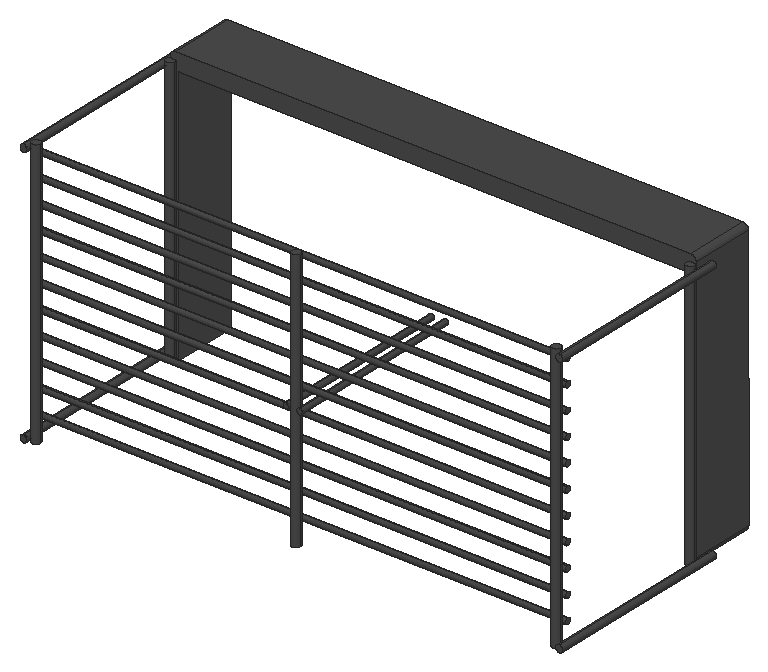
Revit family "WashbasinUnit-WithShelf-Vitra-EqualSeries-64091-64100", category Furniture Systems, host Face, Revit 2017
Family settings
  Host = Face
  Round Connector Dimension = Use Diameter
  Part Type = Normal
  OmniClass Number = 23.40.00.00
  OmniClass Title = Equipment and Furnishings
  Cut with Voids When Loaded = No
  Shared = Yes
  Room Calculation Point = No
Parameters (values of type "WashbasinUnit-WithShelf-Vitra-EqualSeries-100cm_64091")
  Youtube = "https://www.youtube.com/user/VitrAglobal"
  Width(mm) = 1000 mm
  Weight Net (kg) = ""
  Warranty Period (Year) = "2"
  Uniformat II Description = "FURNISHINGS"
  Uniformat II Code = "E20"
  Uniclass 2015 Name = "Wash basins, sinks and troughs"
  Uniclass 2015 Code = "Pr_40_20_93"
  Uniclass 2.0 Description = "Bathroom Cabinets"
  Uniclass 1.4 Description = "Bathroom Cabinets"
  Uniclass 2.0 Code = "PR-35-75-08"
  Uniclass 1.4 Code = "L8241"
  URL = "https://vitraglobal.com/"
  UNSPSC Description = "Bathroom Cabinets"
  UNSPSC Code = "301815"
  Technical description = "https://www.vitra.com.tr/pdf/64091/"
  Tap hole Options (default) = ""
  Specification = ""
  Secondary Material = Vitra-Black
  Region South America = "All"
  Region Oceania = "All"
  Region North America = "All"
  Region Middle East = "All"
  Region Europe = "All"
  Region Asia = "All"
  Region Antarctica = "All"
  Region Africa = "All"
  Product group = "Washbasin Unit"
  Product family = "Equal"
  Product data url = "https://www.vitraglobal.com/bathroom-furniture/washbasin-unit/free/equal-washbasin-unit-100-cm-with-asymmetric-washbasin-with-shelf-patterned-black-oak-sku-64091"
  Product certification = "https://vitraglobal.com/catalogues/quality-certificates"
  Product SKU = "64091"
  Product Guid = ""
  Primary Material = Vitra-Black
  OmniClass Description = "Bathroom Cabinets"
  OmniClass Code = "23-31 25 13"
  Nominal width = "0.000"
  Nominal height = "0.000"
  NBS Referans Description = "Bathroom Cabinets"
  NBS Referans Code = "35-75-08"
  Model = "64091"
  Masterformat 2014 Description = "Bathroom Unit Modules"
  Masterformat 2014 Code = "13 42 13"
  Manufacturer name = "Vitra"
  Manufacturer = "Vitra"
  Installation instructions = ""
  IFC Classification = "Furniture"
  Help = ""
  Height(mm) = 452 mm
  Design country = "Turkey"
  Description = "Equal Washbasin Unit, 100 cm, with Shelf"
  Depth(mm) = 432 mm
  Default Elevation = 660 mm
  Construction Type = "Face Mounted"
  Color = ""
  COBIe Type Category = ""
  BIMobject category = "Bathroom compound units"
  Article No. (default) = "64091"
  Accessories (default) = ""
Types (5, lengths in mm): name | Width(mm) | Technical description | Product data url | Product SKU | Model | Description | Article No. (default)
  (no name) | 1000 | "https://www.vitra.com.tr/pdf/64091/" | "https://www.vitraglobal.com/bathroom-furniture/washbasin-unit/free/equal-washbasin-unit-100-cm-with-asymmetric-washbasin-with-shelf-patterned-black-oak-sku-64091" | "64091" | "64091" | "Equal Washbasin Unit, 100 cm, with Shelf" | "64091"
  WashbasinUnit-WithShelf-Vitra-EqualSeries-100cm_64091 | 1000 | "https://www.vitra.com.tr/pdf/64091/" | "https://www.vitraglobal.com/bathroom-furniture/washbasin-unit/free/equal-washbasin-unit-100-cm-with-asymmetric-washbasin-with-shelf-patterned-black-oak-sku-64091" | "64091" | "64091" | "Equal Washbasin Unit, 100 cm, with Shelf" | "64091"
  WashbasinUnit-WithShelf-Vitra-EqualSeries-130cm_64100 | 1300 | "https://www.vitra.com.tr/pdf/64100/" | "https://www.vitraglobal.com/bathroom-furniture/washbasin-unit/free/equal-washbasin-unit-130-cm-with-double-washbasin-with-shelf-patterned-black-oak-sku-64100" | "64100" | "64100" | "Equal Washbasin Unit, 130 cm, with Shelf" | "64100"
  WashbasinUnit-WithShelf-Vitra-EqualSeries-130cm_64101 | 1300 | "https://www.vitra.com.tr/pdf/64101/" | "https://www.vitraglobal.com/bathroom-furniture/washbasin-unit/free/equal-washbasin-unit-130-cm-with-double-washbasin-with-shelf-elm-sku-64101" | "64101" | "64101" | "Equal Washbasin Unit, 130 cm, with Shelf" | "64101"
  WashbasinUnit-WithShelf-Vitra-EqualSeries-100cm_64092 | 1000 | "https://www.vitra.com.tr/pdf/64092/" | "https://www.vitraglobal.com/bathroom-furniture/washbasin-unit/free/equal-washbasin-unit-100-cm-with-asymmetric-washbasin-with-shelf-elm-sku-64092" | "64092" | "64092" | "Equal Washbasin Unit, 100 cm, with Shelf" | "64092"
Reference planes
  plane 1 "Center (Front/Back)": y = 0
  plane 2: z = -0.016
  plane 3 "Center (Left/Right)": x = -3.616
  plane 4: z = 431.984
  plane 5: y = -206.46
  plane 6: y = 245.54
  plane 7: x = 496.384
  plane 8: x = -503.616
  plane 9: x = -500.047
  plane 10: x = 492.835
Forms (mm)
  Extrusion 1, solid, material "Vitra-Black" <- "Primary Material"
    sketch origin (499.953, -186.508, 437.18) x (0, 0, -1) y (0, 1, 0)
      loop
        circle (396.004, 4.058) r 5
    from -7.118 to -1000
  Extrusion 2, solid, material "Vitra-Black" <- "Primary Material"
    sketch origin (499.953, -186.508, 481.19) x (0, 0, -1) y (0, 1, 0)
      loop
        circle (396.004, 4.058) r 5
    from -7.118 to -1000
  Extrusion 3, solid, material "Vitra-Black" <- "Primary Material"
    sketch origin (499.953, -186.508, 525.2) x (0, 0, -1) y (0, 1, 0)
      loop
        circle (396.004, 4.058) r 5
    from -7.118 to -1000
  Extrusion 4, solid, material "Vitra-Black" <- "Primary Material"
    sketch origin (499.953, -186.508, 569.21) x (0, 0, -1) y (0, 1, 0)
      loop
        circle (396.004, 4.058) r 5
    from -7.118 to -1000
  Extrusion 5, solid, material "Vitra-Black" <- "Primary Material"
    sketch origin (499.953, -186.508, 613.22) x (0, 0, -1) y (0, 1, 0)
      loop
        circle (396.004, 4.058) r 5
    from -7.118 to -1000
  Extrusion 6, solid, material "Vitra-Black" <- "Primary Material"
    sketch origin (499.953, -186.508, 657.23) x (0, 0, -1) y (0, 1, 0)
      loop
        circle (396.004, 4.058) r 5
    from -7.118 to -1000
  Extrusion 7, solid, material "Vitra-Black" <- "Primary Material"
    sketch origin (499.953, -186.508, 701.24) x (0, 0, -1) y (0, 1, 0)
      loop
        circle (396.004, 4.058) r 5
    from -7.118 to -1000
  Extrusion 8, solid, material "Vitra-Black" <- "Primary Material"
    sketch origin (499.953, -186.508, 745.25) x (0, 0, -1) y (0, 1, 0)
      loop
        circle (396.004, 4.058) r 5
    from -7.118 to -1000
  Extrusion 9, solid, material "Vitra-Black" <- "Primary Material"
    sketch origin (499.953, -186.508, 789.261) x (0, 0, -1) y (0, 1, 0)
      loop
        circle (396.004, 4.058) r 5
    from -7.118 to -1000
  Extrusion 10, solid, material "Vitra-Black" <- "Primary Material"
    sketch origin (499.953, -186.508, 833.271) x (0, 0, -1) y (0, 1, 0)
      loop
        circle (396.004, 4.058) r 5
    from -7.118 to -1000
  Extrusion 11, solid, material "Vitra-Black" <- "Primary Material"
    sketch origin (499.953, -186.508, 877.281) x (0, 0, -1) y (0, 1, 0)
      loop
        circle (396.004, 4.058) r 5
    from -7.118 to -1000
  Extrusion 12, solid, material "Vitra-Black" <- "Primary Material"
    sketch origin (488.953, -188.376, 502.18) x (1, 0, 0) y (0, 1, 0)
      loop
        circle (-7.133, -7.069) r 8
      loop
        circle (-7.133, 305.916) r 8
      loop
        circle (-979.149, -7.069) r 8
      loop
        circle (-979.149, 305.916) r 8
    from 0 to -500
  Extrusion 13, solid, material "Vitra-Black" <- "Primary Material"
    sketch origin (-0.047, -202.544, 489.18) x (1, 0, 0) y (0, 1, 0)
      loop
        circle (-4.126, 7.068) r 8
    from 0 to -489
  Extrusion 14, solid, material "Vitra-Black" <- "Primary Material"
    sketch origin (-509.113, 150.54, 6.68) x (0, 0, 1) y (1, 0, 0)
      loop
        circle (-0.08, 4.363) r 6.5
      loop
        circle (485.998, 4.363) r 6.5
      loop
        circle (-0.08, 1005.497) r 6.5
      loop
        circle (485.998, 1005.497) r 6.5
    from 0 to -357
  Extrusion 15, solid, material "Vitra-Black" <- "Secondary Material"
    sketch origin (-494.547, 245.54, 249.68) x (0, 0, 1) y (1, 0, 0)
      loop
        arc (255.5, -1.135) -> (262.571, 1.794) -> (265.5, 8.865) r 10
        line (265.5, 8.865) -> (265.5, 971.882)
        arc (265.5, 971.882) -> (262.571, 978.953) -> (255.5, 981.882) r 10
        line (255.5, 981.882) -> (-239.5, 981.882)
        arc (-239.5, 981.882) -> (-246.571, 978.953) -> (-249.5, 971.882) r 10
        line (-249.5, 971.882) -> (-249.5, 965.882) -> (233.5, 965.882) -> (233.5, 14.865) -> (-249.5, 14.865) -> (-249.5, 8.865)
        arc (-249.5, 8.865) -> (-246.571, 1.794) -> (-239.5, -1.135) r 10
        line (-239.5, -1.135) -> (255.5, -1.135)
    from 0 to -121
  Extrusion 16, solid, material "Vitra-Black" <- "Primary Material"
    sketch origin (8.905, 136.54, 231.18) x (0, 0, -1) y (-1, 0, 0)
      loop
        circle (-0.077, 26.113) r 5
      loop
        circle (-0.077, 0.045) r 5
    from 0 to -340
Dimensions and locks
  "Depth(mm)": plane 4 to host face
  "Height(mm)": plane 6 to plane 5
  equal spacing: plane 8, plane 3 "Center (Left/Right)", plane 7
  "Width(mm)": plane 8 to plane 7
  locked: plane 8 to plane 9 at 3.569
  locked: plane 10 to plane 7 at 3.549
  aligned and locked: plane 2 to host face
  aligned and locked: level to host face
  aligned and locked: plane 9 to Extrusion 1
  aligned and locked: plane 10 to Extrusion 1
  aligned and locked: Extrusion 9 to Extrusion 10
  aligned and locked: Extrusion 8 to Extrusion 9
  aligned and locked: Extrusion 7 to Extrusion 8
  aligned and locked: Extrusion 6 to Extrusion 7
  aligned and locked: Extrusion 5 to Extrusion 6
  aligned and locked: Extrusion 4 to Extrusion 5
  aligned and locked: Extrusion 3 to Extrusion 4
  aligned and locked: Extrusion 2 to Extrusion 3
  aligned and locked: Extrusion 1 to Extrusion 2
  aligned and locked: Extrusion 2 to Extrusion 1
  aligned and locked: Extrusion 3 to Extrusion 2
  aligned and locked: Extrusion 4 to Extrusion 3
  aligned and locked: Extrusion 5 to Extrusion 4
  aligned and locked: Extrusion 6 to Extrusion 5
  aligned and locked: Extrusion 7 to Extrusion 6
  aligned and locked: Extrusion 8 to Extrusion 7
  aligned and locked: Extrusion 9 to Extrusion 8
  aligned and locked: Extrusion 10 to Extrusion 9
  aligned and locked: Extrusion 11 to Extrusion 10
  aligned and locked: Extrusion 10 to Extrusion 11
  aligned and locked: plane 9 to Extrusion 11
Automatic sketch dimensions
  host sketch curve to host sketch curve = 2438.4 mm  (x2)
  level to Extrusion 1 sketch curve = 41.176 mm
  level to Extrusion 2 sketch curve = 85.186 mm
  level to Extrusion 3 sketch curve = 129.196 mm
  level to Extrusion 4 sketch curve = 173.206 mm
  plane 4 to Extrusion 5 sketch curve = 214.767 mm
  plane 4 to Extrusion 6 sketch curve = 170.757 mm
  plane 4 to Extrusion 7 sketch curve = 126.747 mm
  plane 4 to Extrusion 8 sketch curve = 82.737 mm
  plane 4 to Extrusion 9 sketch curve = 38.727 mm
  Extrusion 10 sketch curve to plane 4 = 5.283 mm
  Extrusion 11 sketch curve to plane 4 = 49.293 mm
  Extrusion 13 sketch curve to plane 3 "Center (Left/Right)" = 0.557 mm
  level to Extrusion 14 sketch curve = 6.6 mm  (x2)
  Extrusion 14 sketch curve to plane 4 = 60.694 mm  (x2)
  level to Extrusion 15 sketch curve = 0.18 mm  (x2)
  level to Extrusion 15 sketch curve = 10.18 mm  (x2)
  Extrusion 15 sketch curve to plane 4 = 51.196 mm
  Extrusion 15 sketch curve to Extrusion 15 sketch curve = 22 mm  (x2)
  Extrusion 15 sketch curve to Extrusion 15 sketch curve = 10 mm
  Extrusion 15 sketch curve to Extrusion 15 sketch curve = 6 mm  (x2)
  plane 3 "Center (Left/Right)" to Extrusion 16 sketch curve = 12.476 mm
  plane 4 to Extrusion 16 sketch curve = 200.727 mm
  Extrusion 16 sketch curve to Extrusion 16 sketch curve = 0 mm
  Extrusion 16 sketch curve to plane 3 "Center (Left/Right)" = 13.592 mm
  Extrusion 12 sketch curve to plane 1 "Center (Front/Back)" = 117.54 mm  (x2)
  plane 5 to Extrusion 1 sketch curve = 24.01 mm
  plane 5 to Extrusion 2 sketch curve = 24.01 mm
  plane 5 to Extrusion 3 sketch curve = 24.01 mm
  plane 5 to Extrusion 4 sketch curve = 24.01 mm
  plane 5 to Extrusion 5 sketch curve = 24.01 mm
  plane 5 to Extrusion 6 sketch curve = 24.01 mm
  plane 5 to Extrusion 7 sketch curve = 24.01 mm
  plane 5 to Extrusion 8 sketch curve = 24.01 mm
  plane 5 to Extrusion 9 sketch curve = 24.01 mm
  plane 5 to Extrusion 10 sketch curve = 24.01 mm
  plane 5 to Extrusion 11 sketch curve = 24.01 mm
  plane 5 to Extrusion 12 sketch curve = 11.015 mm  (x2)
  plane 5 to Extrusion 13 sketch curve = 10.984 mm
  plane 7 to Extrusion 12 sketch curve = 14.565 mm  (x2)
  plane 7 to Extrusion 14 sketch curve = 0 mm  (x2)
  plane 7 to Extrusion 15 sketch curve = 25.049 mm
  Extrusion 12 sketch curve to plane 8 = 13.42 mm  (x2)
  plane 8 to Extrusion 14 sketch curve = 1.135 mm  (x2)
  Extrusion 15 sketch curve to plane 8 = 23.934 mm
  radius of Extrusion 1 sketch curve = 5 mm
  radius of Extrusion 2 sketch curve = 5 mm
  radius of Extrusion 3 sketch curve = 5 mm
  radius of Extrusion 4 sketch curve = 5 mm
  radius of Extrusion 5 sketch curve = 5 mm
  radius of Extrusion 6 sketch curve = 5 mm
  radius of Extrusion 7 sketch curve = 5 mm
  radius of Extrusion 8 sketch curve = 5 mm
  radius of Extrusion 9 sketch curve = 5 mm
  radius of Extrusion 10 sketch curve = 5 mm
  radius of Extrusion 11 sketch curve = 5 mm
  radius of Extrusion 12 sketch curve = 8 mm  (x4)
  radius of Extrusion 13 sketch curve = 8 mm
  radius of Extrusion 14 sketch curve = 6.5 mm  (x4)
  radius of Extrusion 16 sketch curve = 5 mm  (x2)
